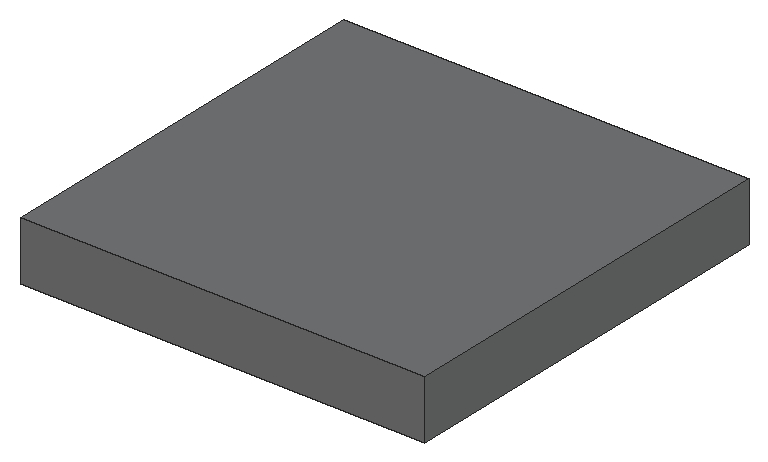
Revit family "Gira_536128", category Electrical Fixtures, host Face, Revit 2017
Family settings
  Host = Face
  Maintain Annotation Orientation = No
  Round Connector Dimension = Use Diameter
  Part Type = Normal
  Cut with Voids When Loaded = No
  Shared = No
  Room Calculation Point = No
Parameters (values of type "S3000 op.top arrow symbols System 55 anthra.")
  With LED indication = "No"
  URL = "http://katalog.gira.de/en/datenblatt.html?artikelnr=536128"
  Transparent = "No"
  Suitable for application with venetian shutter switch = "Yes"
  Suitable for application with switch = "No"
  Suitable for application with dimmer = "No"
  Number of actuation points = "2"
  Name = "S3000 op.top arrow symbols System 55 anthra."
  Manufacturer URL = "https://www.gira.de/"
  Manufacturer = "Gira"
  Keynote = ""
  HeinzeBIM = "https://bimportal.heinze.de/bim/s3000-op-top-arrow-symbols-system-55-anthra-/a23a75837f72eefd420dcbc8247a54ed12c5a4ee"
  HAN = "536128"
  GTIN = "4010337027317"
  Description = "S3000 op.top arrows Sys55 AN,System 3000 operating top unit arrow symbols,,anthracite,"
  Default Elevation = 1219.2 mm
  Data sheet (1) = "https://katalog.gira.de/en/download.html?artikelnr=536128"
  Category = "Intelligent control element"
  BIM (1) = "https://media.stage.bim.site/public/gira/36a6b08/Sys55_Abdeckung_Schalten und Tasten.rfa?public/gira/36a6b08/Sys55_Abdeckung_Schalten und Tasten.rfa"
  Available = "No"
  Application = "Control of electrical users"
  Anthrazit [instance] = Anthrazit
Reference planes
  plane 1 "Center (Front/Back)": y = 0
  plane 2: z = 0
  plane 3 "Center (Left/Right)": x = 0
Forms (mm)
  Extrusion 1, solid, material "Anthrazit" <- "Anthrazit", detail levels fine
    sketch origin (0, 0, 0) x (1, 0, 0) y (0, 1, 0)
      loop
        line (-27.5, 27.5) -> (-27.5, -27.5) -> (27.5, -27.5) -> (27.5, 27.5) -> (-27.5, 27.5)
    from 0 to 8
  Extrusion 2, void
    sketch origin (0, 0, 0) x (1, 0, 0) y (0, 1, 0)
      loop
        line (26, 26) -> (-26, 26) -> (-26, -26) -> (26, -26) -> (26, 26)
    from 0 to 6
  Extrusion 3, solid, material "Anthrazit" <- "Anthrazit", detail levels medium
    sketch origin (0, 0, 0) x (1, 0, 0) y (0, 1, 0)
      loop
        line (-27.5, 27.5) -> (-27.5, -27.5) -> (27.5, -27.5) -> (27.5, 27.5) -> (-27.5, 27.5)
    from 0 to 8
  Extrusion 4, solid, material "Anthrazit" <- "Anthrazit", detail levels medium
    sketch origin (0, 0, 0) x (1, 0, 0) y (0, 1, 0)
      loop
        line (11, -17.5) -> (11, 17.5) -> (-11, 17.5) -> (-11, -17.5) -> (11, -17.5)
    from -6 to 6
  Extrusion 5, solid, material "Anthrazit" <- "Anthrazit", detail levels fine
    sketch origin (0, 0, 0) x (1, 0, 0) y (0, 1, 0)
      loop
        line (11, 17.5) -> (-11, 17.5) -> (-11, 16.5) -> (11, 16.5) -> (11, 17.5)
      loop
        line (-11, -16.5) -> (-11, -17.5) -> (11, -17.5) -> (11, -16.5) -> (-11, -16.5)
    from -4 to 6
  Extrusion 6, solid, material "Anthrazit" <- "Anthrazit", detail levels fine
    sketch origin (0, 0, 0) x (1, 0, 0) y (0, 1, 0)
      loop
        arc (5, 9.347) -> (0, 10.6) -> (-5, 9.347) r 10.6
        line (-5, 9.347) -> (-5, -9.347)
        arc (-5, -9.347) -> (0, -10.6) -> (5, -9.347) r 10.6
        line (5, -9.347) -> (5, 9.347)
    from -6 to 6
  Extrusion 7, solid, material "Anthrazit" <- "Anthrazit", detail levels coarse
    sketch origin (0, 0, 0) x (1, 0, 0) y (0, 1, 0)
      loop
        line (-27.5, 27.5) -> (-27.5, -27.5) -> (27.5, -27.5) -> (27.5, 27.5) -> (-27.5, 27.5)
    from -6 to 8
Cuts and joins
  Extrusion 2 cuts Extrusion 1
Dimensions and locks
  aligned and locked: plane 2 to host face
  aligned and locked: level to host face
